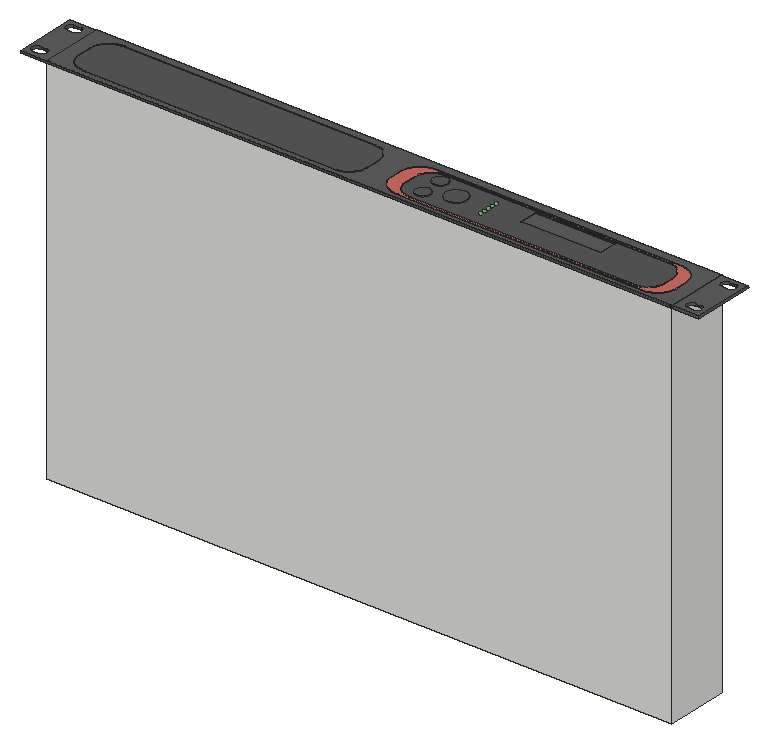
Revit family "Electronics_Fixed-Audio-DSP_Biamp_Tesira_TesiraFORTE_AI__", category Communication Devices, host Face, Revit 2020
Family settings
  Host = Face
  Maintain Annotation Orientation = No
  Round Connector Dimension = Use Diameter
  Part Type = Normal
  OmniClass Number = 23.85.10.11.11
  OmniClass Title = Sound and Signal Devices
  Cut with Voids When Loaded = No
  Shared = No
  Room Calculation Point = No
Parameters (values of type "AI")
  Width = 19.00"  # constant formula
  Weight = 8.00 lbf  # constant formula
  Voltage = 120 V
  URL = "https://www.biamp.com/"
  Type 2 = yes
  Temperature Range = "32 - 104° F (0 - 40° C)"  # constant formula
  THD+N = "0dB gain, +4dBu input: < 0.006%; 54dB gain, -50dBu input: < 0.040%"  # constant formula
  Sampling Rate = "48kHz\r"  # constant formula
  Sample Rate = "USB 48kHz"  # constant formula
  Product data url = "https://www.bimobject.com/biamp/product/tesiraforte-ai_fixed-audio-dsp"
  Product Page URL = "https://www.biamp.com/products/tesira-fixed-audio-dsp#tesiraforte-ai"
  Product Documentation Link = "https://downloads.biamp.com/assets/docs/default-source/data-sheets/biamp_data_sheet_tesiraforte_ai_oct20.pdf"
  Power Factor = 1
  Phantom Power = "+48VDC (7mA/input)\r"  # constant formula
  Output Impedance = "207 ohm"  # constant formula
  Number of Poles = 1
  Number of Channels = "up to 8"  # constant formula
  Maximum Output = "+24dBu, +18dBu, +12dBu, +6dBu, 0dBu, -31dBu"  # constant formula
  Maximum Input = "+24dBu"  # constant formula
  Max Power Consumption = 35 W
  Input Impedance = "8 kohm"  # constant formula
  Input Gain Range = "0-66dB"  # constant formula
  Humidity = "0-98% relative humidity (non-condensing)"  # constant formula
  Housing Material = Biamp - Metal - Silver
  Height = 1.75"  # constant formula
  Frequency Response = "20Hz to 20kHz, +4dBu output: +0.25 dB/-0.5 dB"  # constant formula
  EIN = "no weighting, 22Hz to 22kHz: < -125dBu"  # constant formula
  Dynamic Range = "22Hz to 22kHz, 0dB gain: > 108dB\r"  # constant formula
  Depth = 10.50"  # constant formula
  DAN/AVB = no
  VoIP+Telephone Line = no
  Type1 = yes
  Model = "TesiraFORTÉ AI"  # constant formula
  Manufacturer = "Biamp"  # constant formula
  Description = "TesiraFORTÉ® AI Fixed I/O DSP"
  Default Elevation = 48.00"
  Cross Talk = "0dB gain, +4dBu input: < -85dB; 54dB gain, -50dBu input: < -75dB"  # constant formula
  Connector Description = "100-240VAC 50/60Hz"
  Compliance = "FCC Part 15B (USA), CE marked (Europe), UL und C-UL listed (USA and Canada), RCM (Australia), RoHS Directive (Europe)"  # constant formula
  Bit Depth = "16- or 24-bit"  # constant formula
  Assembly Code = ""
  Apparent Load = Max Power Consumption / Power Factor  # 35 VA
  Altitude = "0-6,600 ft (0-2000m) MSL"  # constant formula
  A/D - D/A Converters = "24-bit"  # constant formula
Reference planes (in)
  plane 1 "Center (Front/Back)": y = 0
  plane 2: z = 0
  plane 3 "Center (Left/Right)": x = 0
  plane 4: x = 18.35304
  plane 5: y = 0.60831
  plane 6: y = -0.59466
  plane 7: y = -0.86817
  plane 8: y = 0.88183
  plane 9: x = 18.67652
  plane 10: x = -0.32348
Forms (in)
  Extrusion 1, solid, material "Biamp - Plastic - Red", detail levels medium+fine
    sketch origin (9.17652, -0.86817, -5.18699) x (1, 0, 0) y (0, 1, 0)
      loop
        arc (0.91084, 1.51843) -> (0.52967, 1.36054) -> (0.37178, 0.97937) r 0.53906
        line (0.37178, 0.97937) -> (0.37178, 0.67022)
        arc (0.37178, 0.67022) -> (0.52998, 0.28829) -> (0.91192, 0.13009) r 0.54014
        line (0.91192, 0.13009) -> (7.81996, 0.13009)
        arc (7.81996, 0.13009) -> (8.20114, 0.28798) -> (8.35902, 0.66915) r 0.53906
        line (8.35902, 0.66915) -> (8.35902, 0.97937)
        arc (8.35902, 0.97937) -> (8.20114, 1.36054) -> (7.81996, 1.51843) r 0.53906
        line (7.81996, 1.51843) -> (0.91084, 1.51843)
      loop
        line (1.22622, 0.20126) -> (7.54738, 0.20126)
        arc (7.54738, 0.20126) -> (7.87547, 0.33716) -> (8.01138, 0.66526) r 0.464
        line (8.01138, 0.66526) -> (8.01138, 0.95126)
        arc (8.01138, 0.95126) -> (7.86493, 1.30482) -> (7.51138, 1.45126) r 0.5
        line (7.51138, 1.45126) -> (1.22622, 1.45126)
        arc (1.22622, 1.45126) -> (0.89753, 1.31511) -> (0.76138, 0.98642) r 0.46484
        line (0.76138, 0.98642) -> (0.76138, 0.66611)
        arc (0.76138, 0.66611) -> (0.89753, 0.33741) -> (1.22622, 0.20126) r 0.46484
    from 5.24135 to 5.25
  Extrusion 2, solid, material "Biamp - Metal - Black"
    sketch origin (9.17652, -0.86817, -5.18699) x (1, 0, 0) y (0, 1, 0)
      loop
        line (-9.5, 1.75) -> (-9.5, 0) -> (9.5, 0) -> (9.5, 1.75) -> (-9.5, 1.75)
    from 5.18699 to 5.24135
  Extrusion 3, void, detail levels medium+fine
    sketch origin (9.17652, -0.86817, -5.18699) x (1, 0, 0) y (0, 1, 0)
      loop
        arc (9.0994, 1.61097) -> (8.96492, 1.47649) -> (9.0994, 1.342) r 0.13448
        line (9.0994, 1.342) -> (9.25364, 1.342)
        arc (9.25364, 1.342) -> (9.38812, 1.47649) -> (9.25364, 1.61097) r 0.13448
        line (9.25364, 1.61097) -> (9.0994, 1.61097)
      loop
        arc (9.0994, 0.408) -> (8.96492, 0.27351) -> (9.0994, 0.13903) r 0.13448
        line (9.0994, 0.13903) -> (9.25364, 0.13903)
        arc (9.25364, 0.13903) -> (9.38812, 0.27351) -> (9.25364, 0.408) r 0.13448
        line (9.25364, 0.408) -> (9.0994, 0.408)
      loop
        arc (-9.25364, 1.61097) -> (-9.38812, 1.47649) -> (-9.25364, 1.342) r 0.13448
        line (-9.25364, 1.342) -> (-9.0994, 1.342)
        arc (-9.0994, 1.342) -> (-8.96492, 1.47649) -> (-9.0994, 1.61097) r 0.13448
        line (-9.0994, 1.61097) -> (-9.25364, 1.61097)
      loop
        arc (-9.25364, 0.408) -> (-9.38812, 0.27351) -> (-9.25364, 0.13903) r 0.13448
        line (-9.25364, 0.13903) -> (-9.0994, 0.13903)
        arc (-9.0994, 0.13903) -> (-8.96492, 0.27351) -> (-9.0994, 0.408) r 0.13448
        line (-9.0994, 0.408) -> (-9.25364, 0.408)
    from 5.18699 to 5.24135
  Extrusion 4, solid, material "Biamp - Glass - Gray", detail levels medium+fine
    sketch origin (9.17652, -0.86817, -5.18699) x (1, 0, 0) y (0, 1, 0)
      loop
        line (3.83453, 0.85955) -> (6.08453, 0.85955) -> (6.08453, 1.3833) -> (3.83453, 1.3833) -> (3.83453, 0.85955)
    from 5.24135 to 5.25
  Extrusion 5, solid, material "Biamp - Plastic - Black", detail levels medium+fine
    sketch origin (9.17652, -0.86817, -5.18894) x (1, 0, 0) y (0, 1, 0)
      loop
        arc (1.22622, 1.45126) -> (0.89753, 1.31511) -> (0.76138, 0.98642) r 0.46484
        line (0.76138, 0.98642) -> (0.76138, 0.66611)
        arc (0.76138, 0.66611) -> (0.89753, 0.33741) -> (1.22622, 0.20126) r 0.46484
        line (1.22622, 0.20126) -> (7.54738, 0.20126)
        arc (7.54738, 0.20126) -> (7.87547, 0.33716) -> (8.01138, 0.66526) r 0.464
        line (8.01138, 0.66526) -> (8.01138, 0.95126)
        arc (8.01138, 0.95126) -> (7.86493, 1.30482) -> (7.51138, 1.45126) r 0.5
        line (7.51138, 1.45126) -> (1.22622, 1.45126)
      loop
        line (3.83453, 0.85955) -> (6.08453, 0.85955) -> (6.08453, 1.3833) -> (3.83453, 1.3833) -> (3.83453, 0.85955)
    from 5.24135 to 5.25
  Extrusion 6, solid, material "Biamp - Metal - Black", detail levels medium+fine
    sketch origin (9.17652, -0.86817, -5.18699) x (1, 0, 0) y (0, 1, 0)
      loop
        line (-8.75742, 1.75) -> (-8.75742, 0) -> (8.75742, 0) -> (8.75742, 1.75) -> (-8.75742, 1.75)
      loop
        line (8.35902, 0.66915) -> (8.35902, 0.97937)
        arc (8.35902, 0.97937) -> (8.20114, 1.36054) -> (7.81996, 1.51843) r 0.53906
        line (7.81996, 1.51843) -> (0.91084, 1.51843)
        arc (0.91084, 1.51843) -> (0.52967, 1.36054) -> (0.37178, 0.97937) r 0.53906
        line (0.37178, 0.97937) -> (0.37178, 0.67022)
        arc (0.37178, 0.67022) -> (0.52998, 0.28829) -> (0.91192, 0.13009) r 0.54014
        line (0.91192, 0.13009) -> (7.81996, 0.13009)
        arc (7.81996, 0.13009) -> (8.20114, 0.28798) -> (8.35902, 0.66915) r 0.53906
      loop
        line (-0.80003, 1.5425) -> (-7.86956, 1.5425)
        arc (-7.86956, 1.5425) -> (-8.22311, 1.39606) -> (-8.36956, 1.0425) r 0.5
        line (-8.36956, 1.0425) -> (-8.36956, 0.64195)
        arc (-8.36956, 0.64195) -> (-8.22311, 0.2884) -> (-7.86956, 0.14195) r 0.5
        line (-7.86956, 0.14195) -> (-0.80003, 0.14195)
        arc (-0.80003, 0.14195) -> (-0.44647, 0.2884) -> (-0.30003, 0.64195) r 0.5
        line (-0.30003, 0.64195) -> (-0.30003, 1.0425)
        arc (-0.30003, 1.0425) -> (-0.44647, 1.39606) -> (-0.80003, 1.5425) r 0.5
    from 5.24135 to 5.25
  Extrusion 7, solid, material "Biamp - Plastic - Black(Grid)", detail levels medium+fine
    sketch origin (9.17652, -0.86817, -5.18699) x (1, 0, 0) y (0, 1, 0)
      loop
        arc (-7.86956, 1.5425) -> (-8.22311, 1.39606) -> (-8.36956, 1.0425) r 0.5
        line (-8.36956, 1.0425) -> (-8.36956, 0.64195)
        arc (-8.36956, 0.64195) -> (-8.22311, 0.2884) -> (-7.86956, 0.14195) r 0.5
        line (-7.86956, 0.14195) -> (-0.80003, 0.14195)
        arc (-0.80003, 0.14195) -> (-0.44647, 0.2884) -> (-0.30003, 0.64195) r 0.5
        line (-0.30003, 0.64195) -> (-0.30003, 1.0425)
        arc (-0.30003, 1.0425) -> (-0.44647, 1.39606) -> (-0.80003, 1.5425) r 0.5
        line (-0.80003, 1.5425) -> (-7.86956, 1.5425)
    from 5.24135 to 5.25
  Extrusion 8, solid, material "Biamp - Metal - Silver" <- "Housing Material"
    sketch origin (9.17652, -0.86817, -5.18699) x (1, 0, 0) y (0, 0, -1)
      loop
        line (-8.75742, 5.25) -> (-8.75742, -5.18699) -> (8.75742, -5.18699) -> (8.75742, 5.25) -> (-8.75742, 5.25)
    from 0 to 1.75
  Extrusion 9, solid, material "Biamp - Metal - Silver" <- "Housing Material", visible <- "Type1"
    sketch origin (9.17652, -0.86817, -5.18699) x (1, 0, 0) y (0, 1, 0)
      loop
        line (6.99083, 1.52401) -> (6.99083, 0.59433) -> (8.24083, 0.59433) -> (8.24083, 1.52401) -> (6.99083, 1.52401)
      loop
        line (6.26249, 0.22588) -> (6.26249, 0.78659) -> (5.55775, 0.78659) -> (5.55775, 0.22588) -> (6.26249, 0.22588)
      loop
        line (3.15045, 0.26348) -> (3.23229, 0.72758) -> (2.37912, 0.72758) -> (2.46096, 0.26348) -> (3.15045, 0.26348)
      loop
        line (1.96267, 0.22749) -> (1.96267, 0.70184) -> (1.42474, 0.70184) -> (1.42474, 0.22749) -> (1.96267, 0.22749)
      loop
        line (0.16865, 0.53988) -> (-0.7835, 0.53988) -> (-0.7835, 0.22373) -> (0.16865, 0.22373) -> (0.16865, 0.53988)
      loop
        line (-4.9886, 1.33802) -> (-5.65288, 1.33802) -> (-5.65288, 0.88089) -> (-4.9886, 0.88089) -> (-4.9886, 1.33802)
      loop
        line (-5.96289, 1.33802) -> (-6.62717, 1.33802) -> (-6.62717, 0.88089) -> (-5.96289, 0.88089) -> (-5.96289, 1.33802)
      loop
        line (-6.93718, 1.33802) -> (-7.60145, 1.33802) -> (-7.60145, 0.88089) -> (-6.93718, 0.88089) -> (-6.93718, 1.33802)
      loop
        line (-7.91147, 1.33802) -> (-8.57574, 1.33802) -> (-8.57574, 0.88089) -> (-7.91147, 0.88089) -> (-7.91147, 1.33802)
      loop
        line (-5.65288, 0.68086) -> (-5.65288, 0.22373) -> (-4.9886, 0.22373) -> (-4.9886, 0.68086) -> (-5.65288, 0.68086)
      loop
        line (-5.96289, 0.68086) -> (-6.62717, 0.68086) -> (-6.62717, 0.22373) -> (-5.96289, 0.22373) -> (-5.96289, 0.68086)
      loop
        line (-6.93718, 0.22373) -> (-6.93718, 0.68086) -> (-7.60145, 0.68086) -> (-7.60145, 0.22373) -> (-6.93718, 0.22373)
      loop
        line (-7.91147, 0.22373) -> (-7.91147, 0.68086) -> (-8.57574, 0.68086) -> (-8.57574, 0.22373) -> (-7.91147, 0.22373)
    from -5.26366 to -5.25
  Extrusion 10, solid, material "Biamp - Metal - Silver" <- "Housing Material", visible <- "Type 2"
    sketch origin (9.17652, -0.86817, -5.18699) x (1, 0, 0) y (0, 1, 0)
      loop
        line (2.80571, 1.33802) -> (2.14143, 1.33802) -> (2.14143, 0.88089) -> (2.80571, 0.88089) -> (2.80571, 1.33802)
      loop
        line (1.83142, 1.33802) -> (1.16714, 1.33802) -> (1.16714, 0.88089) -> (1.83142, 0.88089) -> (1.83142, 1.33802)
      loop
        line (0.85713, 0.88089) -> (0.85713, 1.33802) -> (0.19286, 1.33802) -> (0.19286, 0.88089) -> (0.85713, 0.88089)
      loop
        line (-0.11716, 1.33802) -> (-0.78143, 1.33802) -> (-0.78143, 0.88089) -> (-0.11716, 0.88089) -> (-0.11716, 1.33802)
      loop
        line (-1.09145, 1.33802) -> (-1.75572, 1.33802) -> (-1.75572, 0.88089) -> (-1.09145, 0.88089) -> (-1.09145, 1.33802)
      loop
        line (-2.06574, 0.88089) -> (-2.06574, 1.33802) -> (-2.73001, 1.33802) -> (-2.73001, 0.88089) -> (-2.06574, 0.88089)
      loop
        line (-3.04003, 0.88089) -> (-3.04003, 1.33802) -> (-3.7043, 1.33802) -> (-3.7043, 0.88089) -> (-3.04003, 0.88089)
      loop
        line (-3.04003, 0.68086) -> (-3.7043, 0.68086) -> (-3.7043, 0.22373) -> (-3.04003, 0.22373) -> (-3.04003, 0.68086)
      loop
        line (-4.01432, 0.22373) -> (-4.01432, 0.68086) -> (-4.67859, 0.68086) -> (-4.67859, 0.22373) -> (-4.01432, 0.22373)
      loop
        line (-4.67859, 0.88089) -> (-4.01432, 0.88089) -> (-4.01432, 1.33802) -> (-4.67859, 1.33802) -> (-4.67859, 0.88089)
      loop
        line (-2.73001, 0.68086) -> (-2.73001, 0.22373) -> (-2.06574, 0.22373) -> (-2.06574, 0.68086) -> (-2.73001, 0.68086)
      loop
        line (-1.75572, 0.68086) -> (-1.75572, 0.22373) -> (-1.09145, 0.22373) -> (-1.09145, 0.68086) -> (-1.75572, 0.68086)
    from -5.26366 to -5.25
  Extrusion 11, solid, material "Biamp - Plastic - Black", detail levels fine
    sketch origin (0, 0, 0) x (1, 0, 0) y (0, 1, 0)
      loop
        circle (10.50753, 0.30721) r 0.2
      loop
        circle (10.50753, -0.30721) r 0.2
      loop
        circle (11.19836, 0) r 0.29
    from 0 to 0.06301
  Revolve 12, solid, material "Biamp - Plastic - Green", detail levels fine
    sketch origin (12.10249, -1.02037, -5.09642) x (0, 1, 0) y (0, 0, 1)
      loop
        arc (1.33717, 5.15748) -> (1.29771, 5.19694) -> (1.25824, 5.15748) r 0.03946
        line (1.25824, 5.15748) -> (1.33717, 5.15748)
      loop
        arc (1.19785, 5.15748) -> (1.15839, 5.19694) -> (1.11892, 5.15748) r 0.03946
        line (1.11892, 5.15748) -> (1.19785, 5.15748)
      loop
        arc (1.05983, 5.15748) -> (1.02037, 5.19694) -> (0.9809, 5.15748) r 0.03946
        line (0.9809, 5.15748) -> (1.05983, 5.15748)
      loop
        arc (0.92095, 5.15748) -> (0.88149, 5.19694) -> (0.84202, 5.15748) r 0.03946
        line (0.84202, 5.15748) -> (0.92095, 5.15748)
      loop
        arc (0.78497, 5.15748) -> (0.7455, 5.19694) -> (0.70604, 5.15748) r 0.03946
        line (0.70604, 5.15748) -> (0.78497, 5.15748)
      axis (1.33717, 5.15748) -> (0.70604, 5.15748)
    angle from 270 to 450
Cuts and joins
  Extrusion 3 cuts Extrusion 2
Lines and regions (in)
  Masking region 1
    outline origin (0, 0, 0) x (1, 0, 0) y (0, 0, 1)
      loop
        line (-0.32348, 0) -> (0.4191, 0) -> (0.4191, -10.43699) -> (17.93394, -10.43699) -> (17.93394, 0) -> (18.67652, 0) -> (18.67652, 0.06301) -> (-0.32348, 0.06301) -> (-0.32348, 0)
  symbolic lines
    curve 1: line (-0.32348, 0, 0) -> (18.67652, 0, 0)
Dimensions and locks (in)
  aligned and locked: plane 2 to host face
  aligned and locked: level to host face
Connectors (in)
  electrical at (16.79235, 0.191, -10.45064), driven by "Number of Poles", driven by "Voltage", driven by "Apparent Load", driven by "Power Factor", driven by "Connector Description"
    settings: on Extrusion 9, index 1, voltage 120 V, apparent load 0 VA, apparent load phase1 35 VA, apparent load phase2 0 VA, apparent load phase3 0 VA, power factor 1, load classification "Other", number of poles 1, system type 31, power factor state 1, is connector primary yes, connector utility no, sub classification motor no, connector description "100-240VAC 50/60Hz"
  electrical at (15.08664, -0.36194, -10.43699)
    settings: on Extrusion 9, index 2, voltage 0 V, apparent load 0 VA, apparent load phase1 0 VA, apparent load phase2 0 VA, apparent load phase3 0 VA, power factor 1, load classification "Other", number of poles 1, system type 5, power factor state 1, is connector primary no, connector utility no, sub classification motor no, connector description "RJ-45; Network control connector"
  electrical at (11.98222, -0.37264, -10.45064)
    settings: on Extrusion 9, index 3, voltage 0 V, apparent load 0 VA, apparent load phase1 0 VA, apparent load phase2 0 VA, apparent load phase3 0 VA, power factor 1, load classification "Other", number of poles 1, system type 5, power factor state 1, is connector primary no, connector utility no, sub classification motor no, connector description "RS-232; Serial Port"
  electrical at (11.65009, 0.24129, -10.45064)
    settings: on Extrusion 10, index 4, voltage 0 V, apparent load 0 VA, apparent load phase1 0 VA, apparent load phase2 0 VA, apparent load phase3 0 VA, power factor 1, load classification "Other", number of poles 1, system type 5, power factor state 1, is connector primary no, connector utility no, sub classification motor no, connector description "Analog Input"
  electrical at (10.87022, -0.4035, -10.45064)
    settings: on Extrusion 9, index 5, voltage 0 V, apparent load 0 VA, apparent load phase1 0 VA, apparent load phase2 0 VA, apparent load phase3 0 VA, power factor 1, load classification "Other", number of poles 1, system type 5, power factor state 1, is connector primary no, connector utility no, sub classification motor no, connector description "USB"
  electrical at (10.6758, 0.24129, -10.45064)
    settings: on Extrusion 10, index 6, voltage 0 V, apparent load 0 VA, apparent load phase1 0 VA, apparent load phase2 0 VA, apparent load phase3 0 VA, power factor 1, load classification "Other", number of poles 1, system type 5, power factor state 1, is connector primary no, connector utility no, sub classification motor no, connector description "Analog Input"
  electrical at (9.70151, 0.24129, -10.45064)
    settings: on Extrusion 10, index 7, voltage 0 V, apparent load 0 VA, apparent load phase1 0 VA, apparent load phase2 0 VA, apparent load phase3 0 VA, power factor 1, load classification "Other", number of poles 1, system type 5, power factor state 1, is connector primary no, connector utility no, sub classification motor no, connector description "Analog Input"
  electrical at (8.8691, -0.48637, -10.45064)
    settings: on Extrusion 9, index 8, voltage 0 V, apparent load 0 VA, apparent load phase1 0 VA, apparent load phase2 0 VA, apparent load phase3 0 VA, power factor 1, load classification "Other", number of poles 1, system type 5, power factor state 1, is connector primary no, connector utility no, sub classification motor no, connector description "GPIO; Logic I/O"
  electrical at (8.72722, 0.24129, -10.45064)
    settings: on Extrusion 10, index 9, voltage 0 V, apparent load 0 VA, apparent load phase1 0 VA, apparent load phase2 0 VA, apparent load phase3 0 VA, power factor 1, load classification "Other", number of poles 1, system type 5, power factor state 1, is connector primary no, connector utility no, sub classification motor no, connector description "Analog Input"
  electrical at (7.75293, 0.24129, -10.45064)
    settings: on Extrusion 10, index 10, voltage 0 V, apparent load 0 VA, apparent load phase1 0 VA, apparent load phase2 0 VA, apparent load phase3 0 VA, power factor 1, load classification "Other", number of poles 1, system type 5, power factor state 1, is connector primary no, connector utility no, sub classification motor no, connector description "Analog Input"
  electrical at (7.75293, -0.41588, -10.45064)
    settings: on Extrusion 10, index 11, voltage 0 V, apparent load 0 VA, apparent load phase1 0 VA, apparent load phase2 0 VA, apparent load phase3 0 VA, power factor 1, load classification "Other", number of poles 1, system type 5, power factor state 1, is connector primary no, connector utility no, sub classification motor no, connector description "Analog Output"
  electrical at (6.77864, -0.41588, -10.45064)
    settings: on Extrusion 10, index 12, voltage 0 V, apparent load 0 VA, apparent load phase1 0 VA, apparent load phase2 0 VA, apparent load phase3 0 VA, power factor 1, load classification "Other", number of poles 1, system type 5, power factor state 1, is connector primary no, connector utility no, sub classification motor no, connector description "Analog Output"
  electrical at (6.77864, 0.24129, -10.45064)
    settings: on Extrusion 10, index 13, voltage 0 V, apparent load 0 VA, apparent load phase1 0 VA, apparent load phase2 0 VA, apparent load phase3 0 VA, power factor 1, load classification "Other", number of poles 1, system type 5, power factor state 1, is connector primary no, connector utility no, sub classification motor no, connector description "Analog Input"
  electrical at (5.80436, 0.24129, -10.45064)
    settings: on Extrusion 10, index 14, voltage 0 V, apparent load 0 VA, apparent load phase1 0 VA, apparent load phase2 0 VA, apparent load phase3 0 VA, power factor 1, load classification "Other", number of poles 1, system type 5, power factor state 1, is connector primary no, connector utility no, sub classification motor no, connector description "Analog Input"
  electrical at (5.80436, -0.41588, -10.45064)
    settings: on Extrusion 10, index 15, voltage 0 V, apparent load 0 VA, apparent load phase1 0 VA, apparent load phase2 0 VA, apparent load phase3 0 VA, power factor 1, load classification "Other", number of poles 1, system type 5, power factor state 1, is connector primary no, connector utility no, sub classification motor no, connector description "Analog Output"
  electrical at (4.83007, 0.24129, -10.45064)
    settings: on Extrusion 10, index 16, voltage 0 V, apparent load 0 VA, apparent load phase1 0 VA, apparent load phase2 0 VA, apparent load phase3 0 VA, power factor 1, load classification "Other", number of poles 1, system type 5, power factor state 1, is connector primary no, connector utility no, sub classification motor no, connector description "Analog Input"
  electrical at (4.83007, -0.41588, -10.45064)
    settings: on Extrusion 10, index 17, voltage 0 V, apparent load 0 VA, apparent load phase1 0 VA, apparent load phase2 0 VA, apparent load phase3 0 VA, power factor 1, load classification "Other", number of poles 1, system type 5, power factor state 1, is connector primary no, connector utility no, sub classification motor no, connector description "Analog Output"
  electrical at (3.85578, -0.41588, -10.45064)
    settings: on Extrusion 9, index 18, voltage 0 V, apparent load 0 VA, apparent load phase1 0 VA, apparent load phase2 0 VA, apparent load phase3 0 VA, power factor 1, load classification "Other", number of poles 1, system type 5, power factor state 1, is connector primary no, connector utility no, sub classification motor no, connector description "Analog Output"
  electrical at (3.85578, 0.24129, -10.45064)
    settings: on Extrusion 9, index 19, voltage 0 V, apparent load 0 VA, apparent load phase1 0 VA, apparent load phase2 0 VA, apparent load phase3 0 VA, power factor 1, load classification "Other", number of poles 1, system type 5, power factor state 1, is connector primary no, connector utility no, sub classification motor no, connector description "Analog Input"
  electrical at (2.88149, 0.24129, -10.45064)
    settings: on Extrusion 9, index 20, voltage 0 V, apparent load 0 VA, apparent load phase1 0 VA, apparent load phase2 0 VA, apparent load phase3 0 VA, power factor 1, load classification "Other", number of poles 1, system type 5, power factor state 1, is connector primary no, connector utility no, sub classification motor no, connector description "Analog Input"
  electrical at (2.88149, -0.41588, -10.45064)
    settings: on Extrusion 9, index 21, voltage 0 V, apparent load 0 VA, apparent load phase1 0 VA, apparent load phase2 0 VA, apparent load phase3 0 VA, power factor 1, load classification "Other", number of poles 1, system type 5, power factor state 1, is connector primary no, connector utility no, sub classification motor no, connector description "Analog Output"
  electrical at (1.9072, -0.41588, -10.45064)
    settings: on Extrusion 9, index 22, voltage 0 V, apparent load 0 VA, apparent load phase1 0 VA, apparent load phase2 0 VA, apparent load phase3 0 VA, power factor 1, load classification "Other", number of poles 1, system type 5, power factor state 1, is connector primary no, connector utility no, sub classification motor no, connector description "Analog Output"
  electrical at (1.9072, 0.24129, -10.45064)
    settings: on Extrusion 9, index 23, voltage 0 V, apparent load 0 VA, apparent load phase1 0 VA, apparent load phase2 0 VA, apparent load phase3 0 VA, power factor 1, load classification "Other", number of poles 1, system type 5, power factor state 1, is connector primary no, connector utility no, sub classification motor no, connector description "Analog Input"
  electrical at (0.93291, 0.24129, -10.45064)
    settings: on Extrusion 9, index 24, voltage 0 V, apparent load 0 VA, apparent load phase1 0 VA, apparent load phase2 0 VA, apparent load phase3 0 VA, power factor 1, load classification "Other", number of poles 1, system type 5, power factor state 1, is connector primary no, connector utility no, sub classification motor no, connector description "Analog Input"
  electrical at (0.93291, -0.41588, -10.45064)
    settings: on Extrusion 9, index 25, voltage 0 V, apparent load 0 VA, apparent load phase1 0 VA, apparent load phase2 0 VA, apparent load phase3 0 VA, power factor 1, load classification "Other", number of poles 1, system type 5, power factor state 1, is connector primary no, connector utility no, sub classification motor no, connector description "Analog Output"
